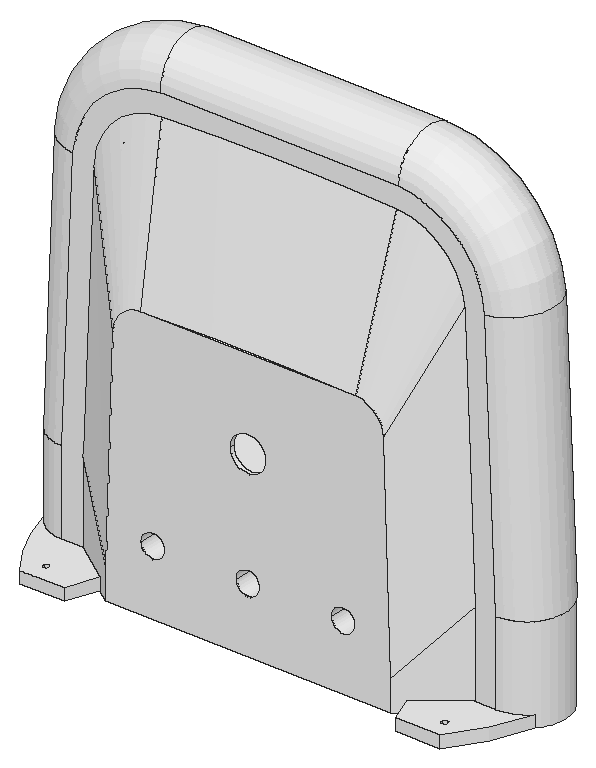
Revit family "Plumbing-Lavatories-Sloan-Valve-SS3865_", category Plumbing Fixtures, host Face, Revit 2019
Family settings
  Host = Face
  Round Connector Dimension = Use Diameter
  Part Type = Normal
  OmniClass Number = 23.45.05.14.14
  OmniClass Title = Sinks/Lavatories
  Cut with Voids When Loaded = Yes
  Shared = No
  Room Calculation Point = No
Parameters (values of type "SS-3865")
  Width = 21 1/2"  # constant formula
  Water Flow = 0 GPM
  Waste Connection = yes
  WFU = 2
  Vent Connection = yes
  Valve Pressure Drop = 0.00 psi
  URL = "www.sloanvalve.com"
  Shroud Visibility [instance] = yes
  Sanitary Drain Connector Description = "Sanitary Drain Connector d1 1/2\""
  Sanitary Drain Connection Diameter = 1 1/2"  # constant formula
  Product data url = "https://bimobject.com/sloan_valve/product/lavatories_sloan_ss-3865"
  Product Material = Sloan Valve - Vitreous China - White
  Product Guid = ""
  Part Number = "3873865"
  Model = "SS-3865"
  Manufacturer = "Sloan Valve"  # constant formula
  Keynote = "10000"
  Installation Height [instance] = 34"  # constant formula
  Hot Water Connector Description = "Hot Water Connector d1/2\""
  Hot Water Connection Diameter = 1/2"  # constant formula
  Height = 5 3/4"  # constant formula
  HWFU = 1.5
  HW Connection = yes
  Edition number = 1
  Description = "Vitreous China Wall-Mounted Lavatory."
  Depth = 20 1/2"  # constant formula
  Default Elevation = 0"
  Cold Water Connector Description = "Cold Water Connector d1/2\""
  Cold Water Connection Diameter = 1/2"  # constant formula
  CWFU = 1.5
  CW Connection = yes
  Assembly Code = "D2010400"
  ADA Compliant [instance] = 1 = 1  # yes
Types (3): name | Product Material | Part Number | Model | Description
  (no name) | Sloan Valve - Vitreous China - White | "3873865" | "SS-3865" | "Vitreous China Wall-Mounted Lavatory."
  SS-3865 | Sloan Valve - Vitreous China - White | "3873865" | "SS-3865" | "Vitreous China Wall-Mounted Lavatory."
  SS-3865-STG | Sloan Valve - Vitreous China - SloanTec Glaze White | "3873875" | "SS-3865-STG" | "Vitreous China Wall-Mounted Lavatory with SloanTec® Glaze."
Reference planes (in)
  plane 1 "Center (Front/Back)": y = 0
  plane 2: z = 0
  plane 3 "Center (Left/Right)": x = 0
  plane 4: x = -8.37453
  plane 5: y = 29
  plane 6: y = 34
  plane 7: x = -8.37453
  plane 8: y = 29
  plane 9: y = 34
Forms (in)
  Extrusion 1, solid, not visible
    sketch origin (0.00047, 34, 0) x (1, 0, 0) y (0, 1, 0)
      loop
        circle (0, -12) r 0.75
      loop
        circle (-1.75, -10) r 0.25
      loop
        circle (1.75, -10) r 0.25
    from 0 to 0.01982
  Sweep 2, solid, material "Sloan Valve - Vitreous China - White" <- "Product Material"
    path origin (0.00047, 34, 0) x (1, 0, 0) y (0, 0, 1)
      loop
        line (10.75, 0) -> (10.75, 4)
        arc (10.75, 4) -> (10.63473, 9.67543) -> (10.2891, 15.34149) r 139.77197
        arc (10.2891, 15.34149) -> (8.62245, 18.85679) -> (5.04692, 20.38998) r 5.5
        arc (5.04692, 20.38998) -> (0, 20.5) -> (-5.04692, 20.38998) r 115.8125
        arc (-5.04692, 20.38998) -> (-8.62245, 18.85679) -> (-10.2891, 15.34149) r 5.5
        arc (-10.2891, 15.34149) -> (-10.63473, 9.67543) -> (-10.75, 4) r 139.77197
        line (-10.75, 4) -> (-10.75, 0)
    profile origin (0.00047, 34, 20.5) x (0, 0, -1) y (0, -1, 0)
      loop
        arc (1.625, 3.25) -> (0, 1.625) -> (1.625, 0) r 1.625
        line (1.625, 0) -> (2.75, 0)
        arc (2.75, 0) -> (3.10355, 0.14645) -> (3.25, 0.5) r 0.5
        line (3.25, 0.5) -> (3.25, 3.25) -> (1.625, 3.25)
  Extrusion 3, solid, material "Sloan Valve - Vitreous China - White" <- "Product Material"
    sketch origin (0.00047, 34, 0) x (1, 0, 0) y (0, 1, 0)
      loop
        line (6.05085, -3.41482) -> (6.90078, -5.75) -> (8.75702, -5.75)
        arc (8.75702, -5.75) -> (9.91302, -3.86846) -> (10.53777, -1.75038) r 8.38585
        line (10.53777, -1.75038) -> (8.17985, -1.75038) -> (8.17985, -1.90656)
        arc (8.17985, -1.90656) -> (7.73809, -2.97306) -> (6.67158, -3.41482) r 1.50826
        line (6.67158, -3.41482) -> (6.05085, -3.41482)
      loop
        line (-6.17585, -3.41482) -> (-6.79658, -3.41482)
        arc (-6.79658, -3.41482) -> (-7.86309, -2.97306) -> (-8.30485, -1.90656) r 1.50826
        line (-8.30485, -1.90656) -> (-8.30485, -1.75038) -> (-10.66277, -1.75038)
        arc (-10.66277, -1.75038) -> (-10.03802, -3.86846) -> (-8.88202, -5.75) r 8.38585
        line (-8.88202, -5.75) -> (-7.02578, -5.75) -> (-6.17585, -3.41482)
      loop
        circle (-8.375, -5) r 0.125
      loop
        circle (8.375, -5) r 0.125
    from 0 to 0.5
  Blend 4, solid, material "Sloan Valve - Vitreous China - White" <- "Product Material"
    base sketch origin (0.00047, 34, 0) x (1, 0, 0) y (0, 0, 1)
      loop
        arc (-7.04982, 15.07778) -> (-6.368, 16.51585) -> (-4.90529, 17.14307) r 2.25
        arc (-4.90529, 17.14307) -> (0, 17.25) -> (4.90529, 17.14307) r 112.5625
        arc (4.90529, 17.14307) -> (6.368, 16.51585) -> (7.04982, 15.07778) r 2.25
        arc (7.04982, 15.07778) -> (7.38741, 9.54346) -> (7.5, 4) r 136.52197
        line (7.5, 4) -> (7.5, 0) -> (8.25, 0) -> (8.25, 4)
        arc (8.25, 4) -> (8.13679, 9.57391) -> (7.79734, 15.13863) r 137.27197
        arc (7.79734, 15.13863) -> (6.88826, 17.05607) -> (4.93797, 17.89235) r 3
        arc (4.93797, 17.89235) -> (0, 18) -> (-4.93797, 17.89235) r 113.3125
        arc (-4.93797, 17.89235) -> (-6.88826, 17.05607) -> (-7.79734, 15.13863) r 3
        arc (-7.79734, 15.13863) -> (-8.13679, 9.57391) -> (-8.25, 4) r 137.27197
        line (-8.25, 4) -> (-8.25, 0) -> (-7.5, 0) -> (-7.5, 4)
        arc (-7.5, 4) -> (-7.38741, 9.54346) -> (-7.04982, 15.07778) r 136.52197
    top sketch origin (0.00047, 34, 0) x (1, 0, 0) y (0, 0, 1)
      loop
        arc (-5.70027, 10.24166) -> (-5.92505, 5.74833) -> (-6, 1.25) r 135.02197
        line (-6, 1.25) -> (-6, 0) -> (-5.25, 0) -> (-5.25, 1.25)
        arc (-5.25, 1.25) -> (-5.17546, 5.72334) -> (-4.95194, 10.19172) r 134.27197
        arc (-4.95194, 10.19172) -> (-4.80206, 10.51646) -> (-4.4736, 10.658) r 0.5
        arc (-4.4736, 10.658) -> (0, 10.75) -> (4.4736, 10.658) r 108.8125
        arc (4.4736, 10.658) -> (4.80206, 10.51646) -> (4.95194, 10.19172) r 0.5
        arc (4.95194, 10.19172) -> (5.17546, 5.72334) -> (5.25, 1.25) r 134.27197
        line (5.25, 1.25) -> (5.25, 0) -> (6, 0) -> (6, 1.25)
        arc (6, 1.25) -> (5.92505, 5.74833) -> (5.70027, 10.24166) r 135.02197
        arc (5.70027, 10.24166) -> (5.32558, 11.05351) -> (4.50444, 11.40737) r 1.25
        arc (4.50444, 11.40737) -> (0, 11.5) -> (-4.50444, 11.40737) r 109.5625
        arc (-4.50444, 11.40737) -> (-5.32558, 11.05351) -> (-5.70027, 10.24166) r 1.25
    from 3.25 to 4.87009
  Extrusion 5, solid, material "Sloan Valve - Vitreous China - White" <- "Product Material"
    sketch origin (0.00047, 34, 0) x (1, 0, 0) y (0, 0, 1)
      loop
        arc (-5.70027, 10.24166) -> (-5.92505, 5.74833) -> (-6, 1.25) r 135.02197
        line (-6, 1.25) -> (-6, 0) -> (6, 0) -> (6, 1.25)
        arc (6, 1.25) -> (5.92505, 5.74833) -> (5.70027, 10.24166) r 135.02197
        arc (5.70027, 10.24166) -> (5.32558, 11.05351) -> (4.50444, 11.40737) r 1.25
        arc (4.50444, 11.40737) -> (0, 11.5) -> (-4.50444, 11.40737) r 109.5625
        arc (-4.50444, 11.40737) -> (-5.32558, 11.05351) -> (-5.70027, 10.24166) r 1.25
    from 4.70234 to 4.87009
  Extrusion 6, solid, material "Sloan Valve - Vitreous China - White" <- "Product Material"
    sketch origin (0.00047, 34, 0) x (1, 0, 0) y (0, 1, 0)
      loop
        line (-8.25, -0.1875) -> (-8.25, -2.90689) -> (-5.67692, -4.77634) -> (5.67692, -4.77634) -> (8.25, -2.90689) -> (8.25, -0.1875) -> (-8.25, -0.1875)
    from 0 to 5.22164
  Extrusion 7, void
    sketch origin (0.00047, 34, 0) x (1, 0, 0) y (0, 0, 1)
      loop
        circle (0, 2.75) r 0.5
      loop
        circle (0, 7.625) r 0.75
      loop
        circle (-4.00047, 2.75) r 0.5
      loop
        circle (3.99953, 2.75) r 0.5
    from -3.79383 to 8.56662
  Extrusion 8, solid, not visible
    sketch origin (0.00047, 34, 0) x (1, 0, 0) y (0, 1, 0)
      loop
        circle (0, -12) r 0.75
      loop
        circle (-1.75, -10) r 0.25
      loop
        circle (1.75, -10) r 0.25
    from 0 to 0.01982
  Sweep 9, solid, material "Sloan Valve - Vitreous China - White" <- "Product Material", not visible
    path origin (0.00047, 34, 0) x (1, 0, 0) y (0, 0, 1)
      loop
        line (10.75, 0) -> (10.75, 4)
        arc (10.75, 4) -> (10.63473, 9.67543) -> (10.2891, 15.34149) r 139.77197
        arc (10.2891, 15.34149) -> (8.62245, 18.85679) -> (5.04692, 20.38998) r 5.5
        arc (5.04692, 20.38998) -> (0, 20.5) -> (-5.04692, 20.38998) r 115.8125
        arc (-5.04692, 20.38998) -> (-8.62245, 18.85679) -> (-10.2891, 15.34149) r 5.5
        arc (-10.2891, 15.34149) -> (-10.63473, 9.67543) -> (-10.75, 4) r 139.77197
        line (-10.75, 4) -> (-10.75, 0)
    profile origin (0.00047, 34, 20.5) x (0, 0, -1) y (0, -1, 0)
      loop
        arc (1.625, 3.25) -> (0, 1.625) -> (1.625, 0) r 1.625
        line (1.625, 0) -> (2.75, 0)
        arc (2.75, 0) -> (3.10355, 0.14645) -> (3.25, 0.5) r 0.5
        line (3.25, 0.5) -> (3.25, 3.25) -> (1.625, 3.25)
  Extrusion 10, solid, material "Sloan Valve - Vitreous China - White" <- "Product Material", not visible
    sketch origin (0.00047, 34, 0) x (1, 0, 0) y (0, 1, 0)
      loop
        line (6.05085, -3.41482) -> (6.90078, -5.75) -> (8.75702, -5.75)
        arc (8.75702, -5.75) -> (9.91302, -3.86846) -> (10.53777, -1.75038) r 8.38585
        line (10.53777, -1.75038) -> (8.17985, -1.75038) -> (8.17985, -1.90656)
        arc (8.17985, -1.90656) -> (7.73809, -2.97306) -> (6.67158, -3.41482) r 1.50826
        line (6.67158, -3.41482) -> (6.05085, -3.41482)
      loop
        line (-6.17585, -3.41482) -> (-6.79658, -3.41482)
        arc (-6.79658, -3.41482) -> (-7.86309, -2.97306) -> (-8.30485, -1.90656) r 1.50826
        line (-8.30485, -1.90656) -> (-8.30485, -1.75038) -> (-10.66277, -1.75038)
        arc (-10.66277, -1.75038) -> (-10.03802, -3.86846) -> (-8.88202, -5.75) r 8.38585
        line (-8.88202, -5.75) -> (-7.02578, -5.75) -> (-6.17585, -3.41482)
      loop
        circle (-8.375, -5) r 0.125
      loop
        circle (8.375, -5) r 0.125
    from 0 to 0.5
  Blend 11, solid, material "Sloan Valve - Vitreous China - White" <- "Product Material", not visible
    base sketch origin (0.00047, 34, 0) x (1, 0, 0) y (0, 0, 1)
      loop
        arc (-7.04982, 15.07778) -> (-6.368, 16.51585) -> (-4.90529, 17.14307) r 2.25
        arc (-4.90529, 17.14307) -> (0, 17.25) -> (4.90529, 17.14307) r 112.5625
        arc (4.90529, 17.14307) -> (6.368, 16.51585) -> (7.04982, 15.07778) r 2.25
        arc (7.04982, 15.07778) -> (7.38741, 9.54346) -> (7.5, 4) r 136.52197
        line (7.5, 4) -> (7.5, 0) -> (8.25, 0) -> (8.25, 4)
        arc (8.25, 4) -> (8.13679, 9.57391) -> (7.79734, 15.13863) r 137.27197
        arc (7.79734, 15.13863) -> (6.88826, 17.05607) -> (4.93797, 17.89235) r 3
        arc (4.93797, 17.89235) -> (0, 18) -> (-4.93797, 17.89235) r 113.3125
        arc (-4.93797, 17.89235) -> (-6.88826, 17.05607) -> (-7.79734, 15.13863) r 3
        arc (-7.79734, 15.13863) -> (-8.13679, 9.57391) -> (-8.25, 4) r 137.27197
        line (-8.25, 4) -> (-8.25, 0) -> (-7.5, 0) -> (-7.5, 4)
        arc (-7.5, 4) -> (-7.38741, 9.54346) -> (-7.04982, 15.07778) r 136.52197
    top sketch origin (0.00047, 34, 0) x (1, 0, 0) y (0, 0, 1)
      loop
        arc (-5.70027, 10.24166) -> (-5.92505, 5.74833) -> (-6, 1.25) r 135.02197
        line (-6, 1.25) -> (-6, 0) -> (-5.25, 0) -> (-5.25, 1.25)
        arc (-5.25, 1.25) -> (-5.17546, 5.72334) -> (-4.95194, 10.19172) r 134.27197
        arc (-4.95194, 10.19172) -> (-4.80206, 10.51646) -> (-4.4736, 10.658) r 0.5
        arc (-4.4736, 10.658) -> (0, 10.75) -> (4.4736, 10.658) r 108.8125
        arc (4.4736, 10.658) -> (4.80206, 10.51646) -> (4.95194, 10.19172) r 0.5
        arc (4.95194, 10.19172) -> (5.17546, 5.72334) -> (5.25, 1.25) r 134.27197
        line (5.25, 1.25) -> (5.25, 0) -> (6, 0) -> (6, 1.25)
        arc (6, 1.25) -> (5.92505, 5.74833) -> (5.70027, 10.24166) r 135.02197
        arc (5.70027, 10.24166) -> (5.32558, 11.05351) -> (4.50444, 11.40737) r 1.25
        arc (4.50444, 11.40737) -> (0, 11.5) -> (-4.50444, 11.40737) r 109.5625
        arc (-4.50444, 11.40737) -> (-5.32558, 11.05351) -> (-5.70027, 10.24166) r 1.25
    from 3.25 to 4.87009
  Extrusion 12, solid, material "Sloan Valve - Vitreous China - White" <- "Product Material", not visible
    sketch origin (0.00047, 34, 0) x (1, 0, 0) y (0, 0, 1)
      loop
        arc (-5.70027, 10.24166) -> (-5.92505, 5.74833) -> (-6, 1.25) r 135.02197
        line (-6, 1.25) -> (-6, 0) -> (6, 0) -> (6, 1.25)
        arc (6, 1.25) -> (5.92505, 5.74833) -> (5.70027, 10.24166) r 135.02197
        arc (5.70027, 10.24166) -> (5.32558, 11.05351) -> (4.50444, 11.40737) r 1.25
        arc (4.50444, 11.40737) -> (0, 11.5) -> (-4.50444, 11.40737) r 109.5625
        arc (-4.50444, 11.40737) -> (-5.32558, 11.05351) -> (-5.70027, 10.24166) r 1.25
    from 4.70234 to 4.87009
  Extrusion 13, solid, material "Sloan Valve - Vitreous China - White" <- "Product Material", not visible
    sketch origin (0.00047, 34, 0) x (1, 0, 0) y (0, 1, 0)
      loop
        line (-8.25, -0.1875) -> (-8.25, -2.90689) -> (-5.67692, -4.77634) -> (5.67692, -4.77634) -> (8.25, -2.90689) -> (8.25, -0.1875) -> (-8.25, -0.1875)
    from 0 to 5.22164
  Extrusion 14, void, not visible
    sketch origin (0.00047, 34, 0) x (1, 0, 0) y (0, 0, 1)
      loop
        circle (0, 2.75) r 0.5
      loop
        circle (0, 7.625) r 0.75
      loop
        circle (-4.00047, 2.75) r 0.5
      loop
        circle (3.99953, 2.75) r 0.5
    from -3.79383 to 8.56662
Cuts and joins
  Extrusion 7 cuts Extrusion 5
  Extrusion 7 cuts Extrusion 6
  joined: Sweep 2, Extrusion 3, Blend 4, Extrusion 5, Extrusion 6
Lines and regions (in)
  Masking region 1
    outline origin (0.00047, 0, 0) x (1, 0, 0) y (0, 0, 1)
      loop
        line (10.75, 0) -> (10.75, 5.5)
        arc (10.75, 5.5) -> (10.64175, 10.44501) -> (10.31721, 15.38055) r 113.00301
        arc (10.31721, 15.38055) -> (8.63675, 18.87728) -> (5.06633, 20.39492) r 5.5
        arc (5.06633, 20.39492) -> (0, 20.5) -> (-5.06633, 20.39492) r 122.18524
        arc (-5.06633, 20.39492) -> (-8.63675, 18.87728) -> (-10.31721, 15.38055) r 5.5
        arc (-10.31721, 15.38055) -> (-10.64175, 10.44501) -> (-10.75, 5.5) r 113.00301
        line (-10.75, 5.5) -> (-10.75, 0) -> (10.75, 0)
  symbolic lines, detail levels medium+fine
    curve 1: arc (8.25047, 0, 4) -> (8.13726, 0, 9.57391) -> (7.79782, 0, 15.13863) r 137.27197
    curve 2: arc (-7.79687, 0, 15.13863) -> (-8.13631, 0, 9.57391) -> (-8.24953, 0, 4) r 137.27197
    curve 3: arc (-4.9375, 0, 17.89235) -> (-6.88779, 0, 17.05607) -> (-7.79687, 0, 15.13863) r 3
    curve 4: arc (7.79782, 0, 15.13863) -> (6.88873, 0, 17.05607) -> (4.93845, 0, 17.89235) r 3
    curve 5: arc (4.93845, 0, 17.89235) -> (0.00047, 0, 18) -> (-4.9375, 0, 17.89235) r 113.3125
    curve 6: line (8.25047, 0, 0) -> (8.25047, 0, 4)
    curve 7: line (-8.24953, 0, 4) -> (-8.24953, 0, 0)
  symbolic lines, detail levels fine
    curve 8: line (-8.24409, 0, 5.22164) -> (8.24504, 0, 5.22164)
    curve 9: circle (0.00047, 0, 7.625) r 0.75 normal (0, -1, 0)
    curve 10: circle (0.00047, 0, 2.75) r 0.5 normal (0, -1, 0)
    curve 11: circle (4, 0, 2.75) r 0.5 normal (0, 1, 0)
    curve 12: circle (-4, 0, 2.75) r 0.5 normal (0, -1, 0)
Dimensions and locks (in)
  "Installation Height": plane 6 to plane 1 "Center (Front/Back)"
  aligned and locked: plane 2 to host face
  aligned and locked: level to host face
Automatic sketch dimensions
  host sketch curve to host sketch curve = 96"  (x2)
  Extrusion 1 sketch curve to plane 6 = 10"
  Extrusion 1 sketch curve to Extrusion 1 sketch curve = 1 3/4"  (x2)
  Extrusion 1 sketch curve to Extrusion 1 sketch curve = 0"
  Extrusion 1 sketch curve to Extrusion 1 sketch curve = 2"
  Sweep 2 sketch curve to Sweep 2 sketch curve = 118.27197"  (x2)
  Sweep 2 sketch curve to Sweep 2 sketch curve = 5.94276"  (x2)
  Sweep 2 sketch curve to Sweep 2 sketch curve = 10 3/4"
  Sweep 2 sketch curve to Sweep 2 sketch curve = 9.61447"
  Sweep 2 sketch curve to Sweep 2 sketch curve = 99 5/16"
  Sweep 2 sketch curve to Sweep 2 sketch curve = 0"  (x5)
  Sweep 2 sketch curve to Sweep 2 sketch curve = 10.8952"
  Sweep 2 sketch curve to Sweep 2 sketch curve = 4"  (x2)
  Sweep 2 sketch curve to profile plane = 0"
  Sweep 2 sketch curve to profile plane = 1 5/8"
  profile plane to Sweep 2 sketch curve = 1/2"
  Sweep 2 sketch curve to Sweep 2 sketch curve = 1 1/8"  (x2)
  Extrusion 3 sketch curve to plane 4 = 0"
  plane 5 to Extrusion 3 sketch curve = 0"
  Extrusion 3 sketch curve to plane 5 = 0"
  Extrusion 3 sketch curve to plane 4 = 0.50702"
  Extrusion 3 sketch curve to plane 4 = 2.28777"
  plane 4 to Extrusion 3 sketch curve = 0.07015"
  Extrusion 3 sketch curve to plane 5 = 3/4"  (x2)
  plane 4 to Extrusion 3 sketch curve = 1.34922"
  plane 4 to Extrusion 3 sketch curve = 1.57842"
  Extrusion 3 sketch curve to Extrusion 3 sketch curve = 0.62074"  (x2)
  Extrusion 3 sketch curve to plane 6 = 0.45762"  (x2)
  Extrusion 3 sketch curve to Extrusion 3 sketch curve = 4.41942"
  Extrusion 3 sketch curve to Extrusion 3 sketch curve = 4.62934"
  plane 5 to Extrusion 3 sketch curve = 1.58518"  (x2)
  Extrusion 3 sketch curve to Extrusion 3 sketch curve = 3.79868"
  Extrusion 3 sketch curve to Extrusion 3 sketch curve = 0.2292"
  Extrusion 3 sketch curve to Extrusion 3 sketch curve = 1.50826"
  Extrusion 3 sketch curve to Extrusion 3 sketch curve = 1.47422"
  Extrusion 3 sketch curve to Extrusion 3 sketch curve = 0.38202"
  Extrusion 3 sketch curve to plane 6 = 1.75038"
  Blend 4 sketch curve to Blend 4 sketch curve = 0"  (x37)
  Blend 4 sketch curve to Blend 4 sketch curve = 120.77197"  (x2)
  Blend 4 sketch curve to Blend 4 sketch curve = 3/4"  (x4)
  Blend 4 sketch curve to Blend 4 sketch curve = 2.69276"  (x2)
  Blend 4 sketch curve to Blend 4 sketch curve = 7 1/2"
  Blend 4 sketch curve to Blend 4 sketch curve = 9.61447"
  Blend 4 sketch curve to Blend 4 sketch curve = 95 5/16"
  Blend 4 sketch curve to Blend 4 sketch curve = 4"
  Blend 4 sketch curve to Blend 4 sketch curve = 10.8952"
  Blend 4 sketch curve to Blend 4 sketch curve = 123.02197"  (x2)
  Blend 4 sketch curve to Blend 4 sketch curve = 0.79695"  (x2)
  Blend 4 sketch curve to Blend 4 sketch curve = 5 1/4"
  Blend 4 sketch curve to Blend 4 sketch curve = 8.90609"
  Blend 4 sketch curve to Blend 4 sketch curve = 98 1/16"
  Blend 4 sketch curve to Blend 4 sketch curve = 1 1/4"  (x2)
  Blend 4 sketch curve to Blend 4 sketch curve = 8.90842"
  Extrusion 5 sketch curve to Extrusion 5 sketch curve = 123.02197"  (x2)
  Extrusion 5 sketch curve to Extrusion 5 sketch curve = 1.54695"  (x2)
  Extrusion 5 sketch curve to Extrusion 5 sketch curve = 6"
  Extrusion 5 sketch curve to Extrusion 5 sketch curve = 8.90609"
  Extrusion 5 sketch curve to Extrusion 5 sketch curve = 98 1/16"
  Extrusion 5 sketch curve to Extrusion 5 sketch curve = 1 1/4"
  Extrusion 5 sketch curve to Extrusion 5 sketch curve = 0"  (x5)
  Extrusion 5 sketch curve to Extrusion 5 sketch curve = 8.90842"
  Extrusion 6 sketch curve to plane 6 = 2.90689"  (x2)
  Extrusion 6 sketch curve to Extrusion 6 sketch curve = 2.57308"  (x2)
  Extrusion 6 sketch curve to plane 6 = 4.77634"
  Extrusion 6 sketch curve to Extrusion 6 sketch curve = 11.35385"
  Extrusion 6 sketch curve to plane 6 = 3/16"
  Extrusion 8 sketch curve to plane 9 = 10"
  Extrusion 8 sketch curve to Extrusion 8 sketch curve = 1 3/4"  (x2)
  Extrusion 8 sketch curve to Extrusion 8 sketch curve = 0"
  Extrusion 8 sketch curve to Extrusion 8 sketch curve = 2"
  Sweep 9 sketch curve to Sweep 9 sketch curve = 118.27197"  (x2)
  Sweep 9 sketch curve to Sweep 9 sketch curve = 5.94276"  (x2)
  Sweep 9 sketch curve to Sweep 9 sketch curve = 10 3/4"
  Sweep 9 sketch curve to Sweep 9 sketch curve = 9.61447"
  Sweep 9 sketch curve to Sweep 9 sketch curve = 99 5/16"
  Sweep 9 sketch curve to Sweep 9 sketch curve = 0"  (x5)
  Sweep 9 sketch curve to Sweep 9 sketch curve = 10.8952"
  Sweep 9 sketch curve to Sweep 9 sketch curve = 4"  (x2)
  Sweep 9 sketch curve to profile plane = 0"
  Sweep 9 sketch curve to profile plane = 1 5/8"
  profile plane to Sweep 9 sketch curve = 1/2"
  Sweep 9 sketch curve to Sweep 9 sketch curve = 1 1/8"  (x2)
  Extrusion 10 sketch curve to plane 7 = 0"
  plane 8 to Extrusion 10 sketch curve = 0"
  Extrusion 10 sketch curve to plane 8 = 0"
  Extrusion 10 sketch curve to plane 7 = 0.50702"
  Extrusion 10 sketch curve to plane 7 = 2.28777"
  plane 7 to Extrusion 10 sketch curve = 0.07015"
  Extrusion 10 sketch curve to plane 8 = 3/4"  (x2)
  plane 7 to Extrusion 10 sketch curve = 1.34922"
  plane 7 to Extrusion 10 sketch curve = 1.57842"
  Extrusion 10 sketch curve to Extrusion 10 sketch curve = 0.62074"  (x2)
  Extrusion 10 sketch curve to plane 9 = 0.45762"  (x2)
  Extrusion 10 sketch curve to Extrusion 10 sketch curve = 4.41942"
  Extrusion 10 sketch curve to Extrusion 10 sketch curve = 4.62934"
  plane 8 to Extrusion 10 sketch curve = 1.58518"  (x2)
  Extrusion 10 sketch curve to Extrusion 10 sketch curve = 3.79868"
  Extrusion 10 sketch curve to Extrusion 10 sketch curve = 0.2292"
  Extrusion 10 sketch curve to Extrusion 10 sketch curve = 1.50826"
  Extrusion 10 sketch curve to Extrusion 10 sketch curve = 1.47422"
  Extrusion 10 sketch curve to Extrusion 10 sketch curve = 0.38202"
  Extrusion 10 sketch curve to plane 9 = 1.75038"
  Blend 11 sketch curve to Blend 11 sketch curve = 0"  (x37)
  Blend 11 sketch curve to Blend 11 sketch curve = 120.77197"  (x2)
  Blend 11 sketch curve to Blend 11 sketch curve = 3/4"  (x4)
  Blend 11 sketch curve to Blend 11 sketch curve = 2.69276"  (x2)
  Blend 11 sketch curve to Blend 11 sketch curve = 7 1/2"
  Blend 11 sketch curve to Blend 11 sketch curve = 9.61447"
  Blend 11 sketch curve to Blend 11 sketch curve = 95 5/16"
  Blend 11 sketch curve to Blend 11 sketch curve = 4"
  Blend 11 sketch curve to Blend 11 sketch curve = 10.8952"
  Blend 11 sketch curve to Blend 11 sketch curve = 123.02197"  (x2)
  Blend 11 sketch curve to Blend 11 sketch curve = 0.79695"  (x2)
  Blend 11 sketch curve to Blend 11 sketch curve = 5 1/4"
  Blend 11 sketch curve to Blend 11 sketch curve = 8.90609"
  Blend 11 sketch curve to Blend 11 sketch curve = 98 1/16"
  Blend 11 sketch curve to Blend 11 sketch curve = 1 1/4"  (x2)
  Blend 11 sketch curve to Blend 11 sketch curve = 8.90842"
  Extrusion 12 sketch curve to Extrusion 12 sketch curve = 123.02197"  (x2)
  Extrusion 12 sketch curve to Extrusion 12 sketch curve = 1.54695"  (x2)
  Extrusion 12 sketch curve to Extrusion 12 sketch curve = 6"
  Extrusion 12 sketch curve to Extrusion 12 sketch curve = 8.90609"
  Extrusion 12 sketch curve to Extrusion 12 sketch curve = 98 1/16"
  Extrusion 12 sketch curve to Extrusion 12 sketch curve = 1 1/4"
  Extrusion 12 sketch curve to Extrusion 12 sketch curve = 0"  (x5)
  Extrusion 12 sketch curve to Extrusion 12 sketch curve = 8.90842"
  Extrusion 13 sketch curve to plane 9 = 2.90689"  (x2)
  Extrusion 13 sketch curve to Extrusion 13 sketch curve = 2.57308"  (x2)
  Extrusion 13 sketch curve to plane 9 = 4.77634"
  Extrusion 13 sketch curve to Extrusion 13 sketch curve = 11.35385"
  Extrusion 13 sketch curve to plane 9 = 3/16"
  Masking region 1 sketch curve to level = 0"
  level to Masking region 1 sketch curve = 5 1/2"  (x2)
  Masking region 1 sketch curve to plane 3 "Center (Left/Right)" = 102.25253"
  Masking region 1 sketch curve to plane 3 "Center (Left/Right)" = 10.74953"
  Masking region 1 sketch curve to plane 3 "Center (Left/Right)" = 4.8378"
  plane 3 "Center (Left/Right)" to Masking region 1 sketch curve = 0.00047"
  plane 3 "Center (Left/Right)" to Masking region 1 sketch curve = 4.83875"
  plane 3 "Center (Left/Right)" to Masking region 1 sketch curve = 10.75047"
  Masking region 1 sketch curve to Masking region 1 sketch curve = 91.50301"
  Masking region 1 sketch curve to level = 101.68524"
  Masking region 1 sketch curve to Masking region 1 sketch curve = 9.39965"
  Masking region 1 sketch curve to Masking region 1 sketch curve = 0"  (x4)
  Extrusion 7 sketch curve to Extrusion 7 sketch curve = 4.00047"
  Extrusion 7 sketch curve to Extrusion 7 sketch curve = 3.99953"
  Extrusion 7 sketch curve to Extrusion 7 sketch curve = 0"  (x3)
  Extrusion 7 sketch curve to Extrusion 7 sketch curve = 4 7/8"
  Extrusion 14 sketch curve to Extrusion 14 sketch curve = 4.00047"
  Extrusion 14 sketch curve to Extrusion 14 sketch curve = 3.99953"
  Extrusion 14 sketch curve to Extrusion 14 sketch curve = 0"  (x3)
  Extrusion 14 sketch curve to Extrusion 14 sketch curve = 4 7/8"
  curve 7 to level = 0"
  curve 6 to level = 0"
  level to curve 1 = 4"
  curve 1 to plane 3 "Center (Left/Right)" = 129.0215"
  level to curve 7 = 4"
  curve 7 to plane 3 "Center (Left/Right)" = 8.24953"
  curve 3 to plane 3 "Center (Left/Right)" = 4.80676"
  curve 12 to plane 3 "Center (Left/Right)" = 4"
  plane 3 "Center (Left/Right)" to curve 10 = 0.00047"
  plane 3 "Center (Left/Right)" to curve 9 = 0.00047"
  plane 3 "Center (Left/Right)" to curve 5 = 0.00047"
  curve 10 to curve 11 = 3.99953"
  plane 3 "Center (Left/Right)" to curve 4 = 4.80771"
  curve 11 to curve 6 = 4.25047"
  curve 6 to curve 2 = 120.77197"
  curve 5 to level = 95 5/16"
  level to curve 10 = 2 3/4"
  level to curve 11 = 2 3/4"
  level to curve 12 = 2 3/4"
  curve 10 to curve 9 = 4 7/8"
  curve 9 to curve 3 = 7.2702"
  curve 9 to curve 4 = 7.2702"
  curve 2 to curve 8 = 0.00544"
  curve 3 to curve 2 = 0"
  curve 5 to curve 3 = 0"
  curve 4 to curve 5 = 0"
  radius of Extrusion 1 sketch curve = 3/4"
  radius of Extrusion 1 sketch curve = 1/4"  (x2)
  radius of Extrusion 3 sketch curve = 1/8"  (x2)
  radius of Extrusion 8 sketch curve = 3/4"
  radius of Extrusion 8 sketch curve = 1/4"  (x2)
  radius of Extrusion 10 sketch curve = 1/8"  (x2)
  radius of Extrusion 7 sketch curve = 1/2"  (x3)
  radius of Extrusion 7 sketch curve = 3/4"
  radius of Extrusion 14 sketch curve = 1/2"  (x3)
  radius of Extrusion 14 sketch curve = 3/4"
  radius of curve 9 = 3/4"
  radius of curve 10 = 1/2"
  radius of curve 11 = 1/2"
  radius of curve 12 = 1/2"
Connectors (in)
  piping at (-1.74953, 24, 0), diameter 0.5, driven by "Hot Water Connection Diameter", driven by "HWFU", driven by "Valve Pressure Drop", driven by "Hot Water Connector Description"
    settings: on Extrusion 1, index 1, connector inside diameter 24", connector length 0", flow factor 0, pipe flow 0 GPM, pressure drop 0.00 psi, fitting loss kfactor 0, connector angle 0.00°, fixture units 1.5, engagement length 0", angle of deflection 0.00°, flow configuration 3, flow direction 1, fitting loss method 4, system type 19, joint type 0, gender type 0, connector reference index -1, connector utility 0, adjustable connector no, is connector primary yes, connector description "Hot Water Connector d1/2\""
  piping at (0.00047, 22, 0), diameter 1.5, driven by "Sanitary Drain Connection Diameter", driven by "WFU", driven by "Sanitary Drain Connector Description"
    settings: on Extrusion 1, index 2, connector inside diameter 24", connector length 0", flow factor 0, pipe flow 0 GPM, pressure drop 0.00 psi, fitting loss kfactor 0, connector angle 0.00°, fixture units 2, engagement length 0", angle of deflection 0.00°, flow configuration 3, flow direction 2, fitting loss method 0, system type 16, joint type 0, gender type 0, connector reference index -1, connector utility 0, adjustable connector no, is connector primary no, connector description "Sanitary Drain Connector d1 1/2\""
  piping at (1.75047, 24, 0), diameter 0.5, driven by "Cold Water Connection Diameter", driven by "CWFU", driven by "Valve Pressure Drop", driven by "Cold Water Connector Description"
    settings: on Extrusion 1, index 3, connector inside diameter 24", connector length 0", flow factor 0, pipe flow 0 GPM, pressure drop 0.00 psi, fitting loss kfactor 0, connector angle 0.00°, fixture units 1.5, engagement length 0", angle of deflection 0.00°, flow configuration 3, flow direction 1, fitting loss method 4, system type 20, joint type 0, gender type 0, connector reference index -1, connector utility 0, adjustable connector no, is connector primary no, connector description "Cold Water Connector d1/2\""
